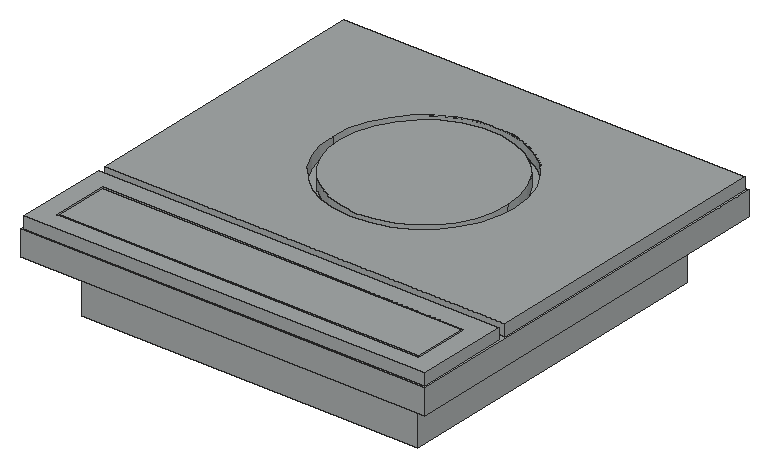
Revit family "Gira_5531926", category Electrical Fixtures, host Face, Revit 2017
Family settings
  Host = Face
  Maintain Annotation Orientation = Yes
  Round Connector Dimension = Use Diameter
  Part Type = Normal
  Cut with Voids When Loaded = No
  Shared = No
  Room Calculation Point = No
Parameters (values of type "Ruftastenmodul 1f System 106 Aluminium")
  URL = "http://katalog.gira.de/de_DE/datenblatt.html?artikelnr=5531926"
  Region = "DE"
  Name = "Ruftastenmodul 1f System 106 Aluminium"
  Model = "Sys106_Abdeckung_Schalten und Tasten"
  Manufacturer URL = "https://www.gira.de/"
  Installationstechnik = "Bus-System"
  Höhe = "0,1065 m"
  HeinzeBIM = "https://bimportal.heinze.de/bim/ruftastenmodul-1f-system-106-aluminium/0389be06c95a978d106ee15528fb6dc483ad1213"
  HAN = "5531926"
  GTIN = "4010337022619"
  Farbe = "silber"
  Edelstahl [instance] = Edelstahl
  Default Elevation = 1219.2 mm
  Data sheet (1) = "https://katalog.gira.de/de_DE/download.html?artikelnr=5531926"
  Category = "Funktionsmodul für Türkommunikation"
  Breite = "0,1065 m"
  Available = "Yes"
  Anzahl der Klingeltasten = "1 "
Reference planes
  plane 1 "Center (Front/Back)": y = 0
  plane 2 "Reference Level 0": z = 0
  plane 3 "Center (Left/Right)": x = 0
  plane 4 "Reference Level 1": z = 9.5
Forms (mm)
  Extrusion 1, solid, material "Edelstahl" <- "Edelstahl", detail levels coarse
    sketch origin (0, 0, 0) x (1, 0, 0) y (0, 1, 0)
      loop
        line (-53, 53) -> (-53, -53) -> (53, -53) -> (53, 53) -> (-53, 53)
    from -14.7 to 9.5
  Extrusion 2, solid, material "Edelstahl" <- "Edelstahl", detail levels fine
    sketch origin (0, 0, 0) x (1, 0, 0) y (0, 1, 0)
      loop
        line (52.5, -28) -> (-52.5, -28) -> (-52.5, -52.5) -> (52.5, -52.5) -> (52.5, -28)
      loop
        line (-47.5, -48) -> (47.5, -48) -> (47.5, -33) -> (-47.5, -33) -> (-47.5, -48)
    from 6.5 to 9.5
  Extrusion 3, solid, material "Edelstahl" <- "Edelstahl", detail levels fine
    sketch origin (0, 0, 0) x (1, 0, 0) y (0, 1, 0)
      loop
        line (-52.5, 52.5) -> (-52.5, -26) -> (52.5, -26) -> (52.5, 52.5) -> (-52.5, 52.5)
      loop
        circle (0, 13) r 24
    from 6.5 to 9.5
  Extrusion 4, solid, material "Edelstahl" <- "Edelstahl", detail levels medium+fine
    sketch origin (0, 0, 0) x (1, 0, 0) y (0, 1, 0)
      loop
        line (-53, 53) -> (-53, -53) -> (53, -53) -> (53, 53) -> (-53, 53)
    from 0 to 6.5
  Extrusion 5, solid, material "Edelstahl" <- "Edelstahl", detail levels fine
    sketch origin (0, 0, 0) x (1, 0, 0) y (0, 1, 0)
      loop
        line (-44, 44) -> (-44, -44) -> (44, -44) -> (44, 44) -> (-44, 44)
    from -14.7 to 0
  Extrusion 6, solid, material "Edelstahl" <- "Edelstahl", detail levels fine
    sketch origin (0, 0, 0) x (1, 0, 0) y (0, 1, 0)
      loop
        circle (0, 13) r 22
    from 6.5 to 9.5
  Extrusion 7, solid, material "Edelstahl" <- "Edelstahl", detail levels fine
    sketch origin (0, 0, 0) x (1, 0, 0) y (0, 1, 0)
      loop
        line (-47, -33.5) -> (-47, -47.5) -> (47, -47.5) -> (47, -33.5) -> (-47, -33.5)
    from 6.5 to 9.5
  Extrusion 8, solid, material "Edelstahl" <- "Edelstahl", detail levels medium
    sketch origin (0, 0, 0) x (1, 0, 0) y (0, 1, 0)
      loop
        line (-52.5, 52.5) -> (-52.5, -26) -> (52.5, -26) -> (52.5, 52.5) -> (-52.5, 52.5)
      loop
        line (-52.5, -28) -> (-52.5, -52.5) -> (52.5, -52.5) -> (52.5, -28) -> (-52.5, -28)
    from 6.5 to 9.5
  Extrusion 9, solid, material "Edelstahl" <- "Edelstahl", detail levels medium
    sketch origin (0, 0, 0) x (1, 0, 0) y (0, 1, 0)
      loop
        circle (0, 13) r 24
      loop
        line (-47.5, -33) -> (-47.5, -48) -> (47.5, -48) -> (47.5, -33) -> (-47.5, -33)
    from 6.5 to 9.5
Dimensions and locks
  aligned and locked: plane 2 "Reference Level 0" to host face
  aligned and locked: level to host face
  aligned and locked: Extrusion 4 to host face
  aligned and locked: Extrusion 4 to level
  aligned and locked: level to Extrusion 5
  aligned and locked: level to Extrusion 4
  aligned and locked: Extrusion 4 to plane 2 "Reference Level 0"
  aligned and locked: plane 2 "Reference Level 0" to Extrusion 5
  aligned and locked: plane 3 "Center (Left/Right)" to nested 1
  aligned and locked: plane 1 "Center (Front/Back)" to nested 1
Nested families
  nested 1: "Schalter" at (0, 0, 0), type "Schalter"
Connectors
  electrical at (0, 0, -14.7)
    settings: on Extrusion 5, index 1, voltage 220 V, apparent load 0 VA, apparent load phase1 0 VA, apparent load phase2 0 VA, apparent load phase3 0 VA, power factor 1, load classification "Other", number of poles 1, system type 30, power factor state 1, is connector primary yes, connector utility no, sub classification motor no, connector description ""
Definition of nested family "Schalter"
  Reference planes
    plane 1: y = 0
    plane 2: x = 0
  Lines and regions (mm)
    detail lines
      curve 1: circle (1.375, 2.778, 0) r 0.8 normal (0, 0, 1)
      curve 2: line (1.021, 2.061, 0) -> (0, 0, 0)
      curve 3: line (0, 0, 0) -> (-0.538, 0.266, 0)
  Dimensions and locks
    curve 2 to curve 2 = 2.3 mm
    curve 3 to curve 2 = 0.6 mm
    radius of curve 1 = 0.8 mm
